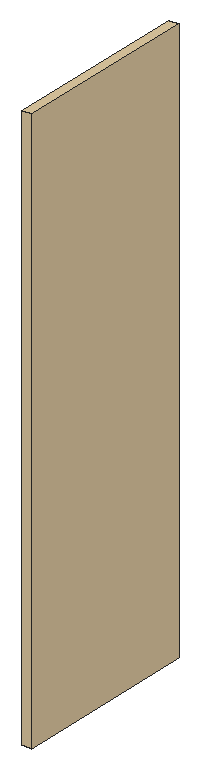
Revit family "Techlam Standard Post-42mm", category Structural Columns, Revit 2016
Family settings
  Section Shape = Not Defined
  Material for Model Behavior = Wood
  Always export as geometry = No
  Beam cutback in plan = From bounding box
  Cut with Voids When Loaded = No
  Symbolic Representation = From Project Settings
  Shared = No
  Show family pre-cut in plan views = Yes
Parameters (values of type "810 x 42")
  b = 42 mm
  d = 810 mm
  Structural Material [instance] = Wood - Dimensional Lumber
Types (21, lengths in mm): name | d
  88 x 42 | 88
  135 x 42 | 135
  140 x 42 | 140
  180 x 42 | 180
  190 x 42 | 190
  225 x 42 | 225
  240 x 42 | 240
  270 x 42 | 270
  290 x 42 | 290
  315 x 42 | 315
  360 x 42 | 360
  405 x 42 | 405
  450 x 42 | 450
  495 x 42 | 495
  540 x 42 | 540
  585 x 42 | 585
  630 x 42 | 630
  675 x 42 | 675
  720 x 42 | 720
  765 x 42 | 765
  810 x 42 | 810
Reference planes
  plane 1 "Center (Front/Back)": y = 0
  plane 2: z = 0
  plane 3 "Center (Left/Right)": x = 0
  plane 4: x = -21
  plane 5: x = 21
  plane 6: y = 405
  plane 7: y = -405
Forms (mm)
  Extrusion 1, solid, material "Wood - Dimensional Lumber" <- "Structural Material", detail levels medium+fine
    sketch origin (0, 0, 0) x (1, 0, 0) y (0, 1, 0)
      loop
        line (-21, 405) -> (-21, -405) -> (21, -405) -> (21, 405) -> (-21, 405)
    from 0 to 2500
Lines and regions (mm)
  symbolic lines, style "StructuralColumnStickSymbols", detail levels coarse
    curve 1: line (-21, 405, 0) -> (21, 405, 0)
    curve 2: line (-21, -405, 0) -> (21, -405, 0)
    curve 3: line (-21, 405, 0) -> (-21, -405, 0)
    curve 4: line (21, 405, 0) -> (21, -405, 0)
Dimensions and locks
  equal spacing: plane 4, plane 3 "Center (Left/Right)", plane 5
  equal spacing: plane 7, plane 1 "Center (Front/Back)", plane 6
  "d": plane 7 to plane 6
  "b": plane 4 to plane 5
  aligned and locked: plane 6 to Extrusion 1 sketch curve
  aligned and locked: Extrusion 1 sketch curve to plane 7
  aligned and locked: Extrusion 1 sketch curve to plane 4
  aligned and locked: Extrusion 1 sketch curve to plane 5
  aligned and locked: level to Extrusion 1
  aligned and locked: level to plane 2
  aligned and locked: Extrusion 1 to plane 2
Automatic sketch dimensions
  curve 3 to plane 4 = 0 mm
  curve 4 to plane 5 = 0 mm
  curve 3 to plane 7 = 0 mm
  curve 3 to plane 6 = 0 mm
